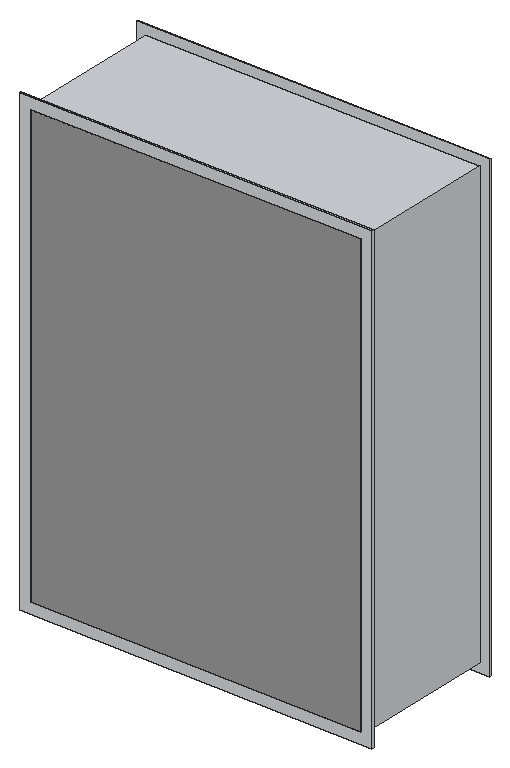
Revit family "MS-P-4", category Mechanical Equipment, Revit 2015
Parameters
  URL = "https://unitedenertech.com/catalog/pdf/K_7%20MS-P-4.pdf"
  Type Comments = "Consult Factory for Max. Sizes"
  Model = "MS-P-4"
  Manufacturer = "United Enertech Corporation"
  Length (16" Standard) = 1' - 4"
  Keynote = ""
  Exact Width = 3' - 0"
  Exact Height = 4' - 0"
  Description = "Maximum Security"
Reference planes (in)
  plane 1 "Center (Front/Back)": y = 0
  plane 2: z = 0
  plane 3 "Center (Left/Right)": x = 0
  plane 4: y = 0.1875
  plane 5: y = 16
  plane 6: x = -18
  plane 7: x = 18
  plane 8: z = 24
  plane 9: z = -24
  plane 10: x = -17.8125
  plane 11: z = 23.8125
  plane 12: x = -19
  plane 13: z = 25
  plane 14: x = 17.8125
  plane 15: x = 19
  plane 16: z = -23.8125
  plane 17: z = -25
  plane 18: y = 15.8125
  plane 19: y = 14.3125
  plane 20: y = 15.5625
  plane 21: x = -16.1875
  plane 22: x = -17.5625
  plane 23: z = 23.5625
  plane 24: z = 22.1875
  plane 25: x = 16.1875
  plane 26: x = 17.5625
  plane 27: z = -23.5625
  plane 28: z = -22.1875
Forms (in)
  Extrusion 1, solid
    sketch origin (0, 0, 0) x (1, 0, 0) y (0, 0, 1)
      loop
        line (-18, -24) -> (18, -24) -> (18, 24) -> (-18, 24) -> (-18, -24)
      loop
        line (-17.8125, -23.8125) -> (17.8125, -23.8125) -> (17.8125, 23.8125) -> (-17.8125, 23.8125) -> (-17.8125, -23.8125)
    from -15.8125 to -0.1875
  Extrusion 2, solid
    sketch origin (0, 0, 0) x (1, 0, 0) y (0, 0, 1)
      loop
        line (-19, -25) -> (19, -25) -> (19, 25) -> (-19, 25) -> (-19, -25)
      loop
        line (-17.8125, -23.8125) -> (17.8125, -23.8125) -> (17.8125, 23.8125) -> (-17.8125, 23.8125) -> (-17.8125, -23.8125)
    from -0.1875 to 0
  Extrusion 3, solid, material "Steel"
    sketch origin (0, 0, 0) x (1, 0, 0) y (0, 0, 1)
      loop
        line (-17.8125, -23.8125) -> (17.8125, -23.8125) -> (17.8125, 23.8125) -> (-17.8125, 23.8125) -> (-17.8125, -23.8125)
    from -0.1875 to 0
  Extrusion 4, solid, material "Steel"
    sketch origin (0, 0, 0) x (1, 0, 0) y (0, 0, 1)
      loop
        line (-17.8125, -23.8125) -> (17.8125, -23.8125) -> (17.8125, 23.8125) -> (-17.8125, 23.8125) -> (-17.8125, -23.8125)
    from -16 to -15.8125
  Extrusion 5, solid
    sketch origin (0, 0, 0) x (1, 0, 0) y (0, 0, 1)
      loop
        line (-19, -25) -> (19, -25) -> (19, 25) -> (-19, 25) -> (-19, -25)
      loop
        line (-17.8125, -23.8125) -> (17.8125, -23.8125) -> (17.8125, 23.8125) -> (-17.8125, 23.8125) -> (-17.8125, -23.8125)
    from -16 to -15.8125
  Extrusion 6, solid
    sketch origin (0, 0, 0) x (1, 0, 0) y (0, 0, 1)
      loop
        line (-17.8125, -23.8125) -> (17.8125, -23.8125) -> (17.8125, 23.8125) -> (-17.8125, 23.8125) -> (-17.8125, -23.8125)
      loop
        line (-16.1875, -22.1875) -> (16.1875, -22.1875) -> (16.1875, 22.1875) -> (-16.1875, 22.1875) -> (-16.1875, -22.1875)
    from -15.8125 to -15.5625
  Extrusion 7, solid
    sketch origin (0, 0, 0) x (1, 0, 0) y (0, 0, 1)
      loop
        line (-17.8125, -23.8125) -> (17.8125, -23.8125) -> (17.8125, 23.8125) -> (-17.8125, 23.8125) -> (-17.8125, -23.8125)
      loop
        line (-17.5625, -23.5625) -> (17.5625, -23.5625) -> (17.5625, 23.5625) -> (-17.5625, 23.5625) -> (-17.5625, -23.5625)
    from -15.5625 to -14.3125
Dimensions and locks (in)
  locked: plane 1 "Center (Front/Back)" to plane 4 at 0.1875
  "Length (16" Standard)": plane 1 "Center (Front/Back)" to plane 5
  equal spacing: plane 6, plane 3 "Center (Left/Right)", plane 7
  "Exact Width": plane 6 to plane 7
  equal spacing: plane 8, level, plane 9
  "Exact Height": plane 8 to plane 9
  locked: plane 6 to plane 12 at 1
  locked: plane 6 to plane 10 at 0.1875
  locked: plane 14 to plane 7 at 0.1875
  locked: plane 7 to plane 15 at 1
  locked: plane 8 to plane 11 at 0.1875
  locked: plane 13 to plane 8 at 1
  locked: plane 16 to plane 9 at 0.1875
  locked: plane 9 to plane 17 at 1
  locked: plane 5 to plane 18 at 0.1875
  locked: plane 18 to plane 20 at 0.25
  locked: plane 18 to plane 19 at 1.5
  locked: plane 27 to plane 16 at 0.25
  locked: plane 28 to plane 27 at 1.375
  locked: plane 11 to plane 23 at 0.25
  locked: plane 23 to plane 24 at 1.375
  locked: plane 22 to plane 10 at 0.25
  locked: plane 21 to plane 22 at 1.375
  locked: plane 26 to plane 14 at 0.25
  locked: plane 25 to plane 26 at 1.375
  aligned and locked: level to plane 2
  aligned and locked: plane 6 to Extrusion 1 sketch curve
  aligned and locked: plane 8 to Extrusion 1 sketch curve
  aligned and locked: Extrusion 1 sketch curve to plane 7
  aligned and locked: Extrusion 1 sketch curve to plane 9
  aligned and locked: plane 16 to Extrusion 1 sketch curve
  aligned and locked: Extrusion 1 sketch curve to plane 10
  aligned and locked: Extrusion 1 sketch curve to plane 14
  aligned and locked: plane 11 to Extrusion 1 sketch curve
  aligned and locked: Extrusion 1 to plane 4
  aligned and locked: Extrusion 2 sketch curve to plane 12
  aligned and locked: plane 13 to Extrusion 2 sketch curve
  aligned and locked: Extrusion 2 sketch curve to plane 15
  aligned and locked: plane 17 to Extrusion 2 sketch curve
  aligned and locked: plane 16 to Extrusion 2 sketch curve
  aligned and locked: Extrusion 2 sketch curve to plane 10
  aligned and locked: Extrusion 2 sketch curve to plane 14
  aligned and locked: plane 11 to Extrusion 2 sketch curve
  aligned and locked: plane 4 to Extrusion 2
  aligned and locked: plane 1 "Center (Front/Back)" to Extrusion 2
  aligned and locked: plane 11 to Extrusion 3 sketch curve
  aligned and locked: Extrusion 3 sketch curve to plane 14
  aligned and locked: Extrusion 3 sketch curve to plane 10
  aligned and locked: plane 16 to Extrusion 3 sketch curve
  aligned and locked: plane 4 to Extrusion 3
  aligned and locked: plane 1 "Center (Front/Back)" to Extrusion 3
  aligned and locked: plane 18 to Extrusion 1
  aligned and locked: plane 5 to Extrusion 4
  aligned and locked: plane 5 to Extrusion 5
  aligned and locked: Extrusion 4 to plane 18
  aligned and locked: Extrusion 5 to plane 18
  aligned and locked: Extrusion 6 sketch curve to plane 10
  aligned and locked: plane 16 to Extrusion 6 sketch curve
  aligned and locked: Extrusion 6 sketch curve to plane 14
  aligned and locked: plane 11 to Extrusion 6 sketch curve
  aligned and locked: plane 24 to Extrusion 6 sketch curve
  aligned and locked: Extrusion 6 sketch curve to plane 21
  aligned and locked: Extrusion 6 sketch curve to plane 25
  aligned and locked: plane 28 to Extrusion 6 sketch curve
  aligned and locked: plane 18 to Extrusion 6
  aligned and locked: Extrusion 6 to plane 20
  aligned and locked: Extrusion 7 sketch curve to plane 10
  aligned and locked: Extrusion 7 sketch curve to plane 22
  aligned and locked: plane 16 to Extrusion 7 sketch curve
  aligned and locked: plane 27 to Extrusion 7 sketch curve
  aligned and locked: Extrusion 7 sketch curve to plane 14
  aligned and locked: Extrusion 7 sketch curve to plane 26
  aligned and locked: plane 11 to Extrusion 7 sketch curve
  aligned and locked: plane 23 to Extrusion 7 sketch curve
  aligned and locked: plane 20 to Extrusion 7
  aligned and locked: Extrusion 7 to plane 19
Automatic sketch dimensions
  Extrusion 4 sketch curve to plane 10 = 0' - 0"
  Extrusion 4 sketch curve to plane 11 = 0' - 0"
  plane 14 to Extrusion 4 sketch curve = 0' - 0"
  Extrusion 4 sketch curve to plane 16 = 0' - 0"
  Extrusion 5 sketch curve to plane 12 = 0' - 0"
  Extrusion 5 sketch curve to plane 10 = 0' - 0"
  plane 14 to Extrusion 5 sketch curve = 0' - 0"
  plane 15 to Extrusion 5 sketch curve = 0' - 0"
  Extrusion 5 sketch curve to plane 17 = 0' - 0"
  Extrusion 5 sketch curve to plane 16 = 0' - 0"
  Extrusion 5 sketch curve to plane 11 = 0' - 0"
  Extrusion 5 sketch curve to plane 13 = 0' - 0"
